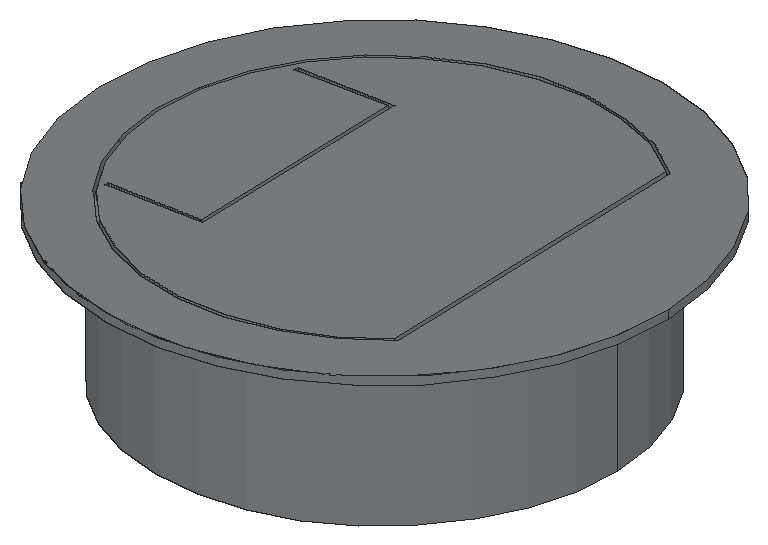
Revit family "Klappdeckel mit Schnurauslass", category Generic Models, Revit 2015
Parameters (values of type "GES R2 7011")
  URL = "http://www.obo-bettermann.com"
  Radius = 56 mm
  Material = OBO PA Grey
  Manufacturer Art.No. = "7405082"
  Manufacturer = "OBO Bettermann"
  Height 1 = 38 mm
  Height = 40 mm
  GTIN = "4012196459582"
  Diameter 1 = 115 mm
  Diameter = 140 mm
  Article Type = "GES R2 7011"
Types (3, lengths in mm): name | Material | Manufacturer Art.No. | GTIN | Article Type
  (no name) | OBO PA Grey | "7405082" | "4012196459582" | "GES R2 7011"
  GES R2 9011 | OBO PA BLACK | "7405084" | "4012196459599" | "GES R2 9011"
  GES R2 7011 | OBO PA Grey | "7405082" | "4012196459582" | "GES R2 7011"
Reference planes
  plane 1 "Center (Front/Back)": y = 0
  plane 2: z = 0
  plane 3 "Center (Left/Right)": x = 0
  plane 4: z = 38
  plane 5: z = 40
  plane 6: z = 37.8
Forms (mm)
  Extrusion 1, solid, material "OBO PA Grey" <- "Material"
    sketch origin (0, 0, 0) x (1, 0, 0) y (0, 1, 0)
      loop
        circle (0, 0) r 57.5
    from 0 to 38
  Extrusion 2, solid, material "OBO PA Grey" <- "Material"
    sketch origin (0, 0, 0) x (1, 0, 0) y (0, 1, 0)
      loop
        circle (0, 0) r 70
    from 38 to 40
  Extrusion 3, void
    sketch origin (0, 0, 0) x (1, 0, 0) y (0, 1, 0)
      loop
        arc (37, 41.939) -> (-56.11, 0) -> (37, -41.939) r 56
        line (37, -41.939) -> (37, 41.939)
      loop
        arc (36, 41.672) -> (-55.296, 0) -> (36, -41.672) r 55.159
        line (36, -41.672) -> (36, 41.672)
    from 38 to 40
  Extrusion 4, void
    sketch origin (0, 0, 0) x (1, 0, 0) y (0, 1, 0)
      loop
        line (-45, 29.5) -> (-45, 28.5) -> (-22, 28.5) -> (-22, -28.5) -> (-45.2, -28.5) -> (-45.2, -29.5) -> (-21, -29.5) -> (-21, 29.5) -> (-45, 29.5)
    from 38 to 40
Cuts and joins
  Extrusion 3, Extrusion 4 cuts Extrusion 1
  Extrusion 3, Extrusion 4 cuts Extrusion 2
Dimensions and locks
  "Height 1": plane 4 to level
  "Height": plane 5 to level
  locked: plane 3 "Center (Left/Right)" to Extrusion 3 sketch curve at 37
  locked: plane 5 to plane 6 at 2.2
  locked: Extrusion 4 sketch curve to Extrusion 4 sketch curve at 59
  equal spacing: Extrusion 4 sketch curve, plane 1 "Center (Front/Back)", Extrusion 4 sketch curve, locked at 29.5 each
  locked: Extrusion 4 sketch curve to plane 3 "Center (Left/Right)" at 21
  locked: Extrusion 4 sketch curve to Extrusion 4 sketch curve at 24
  locked: Extrusion 4 sketch curve to Extrusion 4 sketch curve at 24.2
  locked: Extrusion 4 sketch curve to Extrusion 4 sketch curve at 1  (x2)
  Extrusion 4 sketch curve to Extrusion 4 sketch curve = 1 mm
  locked: Extrusion 3 sketch curve to Extrusion 3 sketch curve at 1
  locked: Extrusion 3 sketch curve to Extrusion 3 sketch curve at 83.878
  equal spacing: Extrusion 3 sketch curve, plane 1 "Center (Front/Back)", Extrusion 3 sketch curve, locked at 41.939 each
  "Diameter 1": diameter of Extrusion 1 sketch curve
  "Diameter": diameter of Extrusion 2 sketch curve
  "Radius": radius of Extrusion 3 sketch curve
  aligned and locked: level to plane 2
  aligned and locked: plane 4 to Extrusion 1
  aligned and locked: plane 5 to Extrusion 2
  aligned and locked: Extrusion 2 to Extrusion 1
  aligned and locked: Extrusion 3 to Extrusion 1
  aligned and locked: plane 5 to Extrusion 3
  aligned and locked: Extrusion 4 to Extrusion 1
  aligned and locked: plane 5 to Extrusion 4
Automatic sketch dimensions
  plane 1 "Center (Front/Back)" to Extrusion 1 sketch curve = 0 mm
  Extrusion 1 sketch curve to plane 3 "Center (Left/Right)" = 0 mm
  plane 1 "Center (Front/Back)" to Extrusion 2 sketch curve = 0 mm
  Extrusion 2 sketch curve to plane 3 "Center (Left/Right)" = 0 mm
  plane 1 "Center (Front/Back)" to Extrusion 3 sketch curve = 0 mm
  Extrusion 3 sketch curve to Extrusion 3 sketch curve = 0.028 mm
  Extrusion 3 sketch curve to Extrusion 3 sketch curve = 0.267 mm
